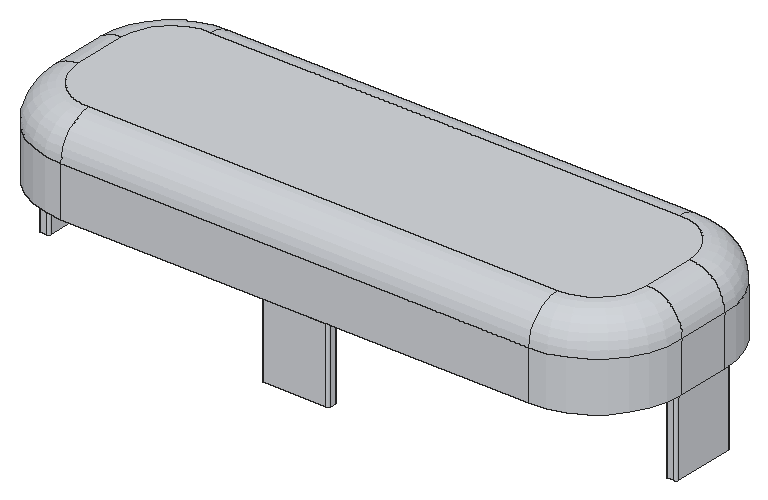
Revit family "Gohome_ClubOttoman_R19", category Furniture, Revit 2019
Family settings
  OmniClass Number = 23.40.20.00
  OmniClass Title = General Furniture and Specialties
  Work Plane-Based = No
  Always vertical = Yes
  Cut with Voids When Loaded = No
  Shared = No
  Room Calculation Point = No
Parameters (values of type "Club Ottoman w/4 Legs")
  With Tabletop End = no
  With Tabletop Center = no
  With Bolster = no
  Width = 1800 mm  # constant formula
  URL = "www.gohome.com.au"
  Timber Leg Material = none
  Upholstery Material = none
  ShowEndLeg = not(With Tabletop End)  # yes
  ShowCenterTopLeg = not(With Bolster)  # yes
  ShowCenterBottomLeg = not(or(With Bolster, With Tabletop Center))  # yes
  Seat Height = 450 mm  # constant formula
  Model = "Club Ottoman w/4 Legs"
  Manufacturer = "gohome"  # constant formula
  Height = if(With Bolster, 605 mm, if(or(With Tabletop Center, With Tabletop End), 600 mm, 450 mm))  # 450 mm
  Designer = "Ben McCarthy"  # constant formula
  Depth = 700 mm  # constant formula
  Contact = "phone: +61 2 9565 5510 / email: sales@gohome.com.au"  # constant formula
Types (5, lengths in mm): name | With Tabletop End | With Tabletop Center | With Bolster | ShowEndLeg | ShowCenterTopLeg | ShowCenterBottomLeg | Model | Height
  (no name) | no | no | no | yes | yes | yes | "Club Ottoman w/4 Legs" | 450
  Club Ottoman w/4 Legs | no | no | no | yes | yes | yes | "Club Ottoman w/4 Legs" | 450
  Club Ottoman w/Bolster | no | no | yes | yes | no | no | "Club Ottoman w/Bolster" | 605
  Club Ottoman w/Tabletop Center | no | yes | no | yes | yes | no | "Club Ottoman w/Tabletop Center" | 600
  Club Ottoman w/Tabletop End | yes | no | no | no | yes | yes | "Club Ottoman w/Tabletop End" | 600
Reference planes
  plane 1 "Center (Front/Back)": y = 0
  plane 2: z = 0
  plane 3 "Center (Left/Right)": x = 0
  plane 4: y = 315
  plane 5: y = -315
  plane 6: x = 900
  plane 7: x = -900
Forms (mm)
  Extrusion 1, solid, material <- "Timber Leg Material", visible <- "ShowCenterTopLeg"
    sketch origin (0, 0, 0) x (1, 0, 0) y (0, 1, 0)
      loop
        arc (-95, 290.5) -> (-92.803, 285.197) -> (-87.5, 283) r 7.5
        line (-87.5, 283) -> (87.5, 283)
        arc (87.5, 283) -> (92.803, 285.197) -> (95, 290.5) r 7.5
        line (95, 290.5) -> (95, 307.5)
        arc (95, 307.5) -> (92.803, 312.803) -> (87.5, 315) r 7.5
        line (87.5, 315) -> (-87.5, 315)
        arc (-87.5, 315) -> (-92.803, 312.803) -> (-95, 307.5) r 7.5
        line (-95, 307.5) -> (-95, 290.5)
    from 0 to 210
  Extrusion 2, solid, material <- "Upholstery Material"
    sketch origin (0, 0, 0) x (1, 0, 0) y (0, 1, 0)
      loop
        arc (800, 75) -> (758.995, 173.995) -> (660, 215) r 140
        line (660, 215) -> (-660, 215)
        arc (-660, 215) -> (-758.995, 173.995) -> (-800, 75) r 140
        line (-800, 75) -> (-800, -75)
        arc (-800, -75) -> (-758.995, -173.995) -> (-660, -215) r 140
        line (-660, -215) -> (660, -215)
        arc (660, -215) -> (758.995, -173.995) -> (800, -75) r 140
        line (800, -75) -> (800, 75)
    from 210 to 450
  Sweep 3, solid, material <- "Upholstery Material"
    path origin (0, 0, 0) x (1, 0, 0) y (0, 1, 0)
      loop
        arc (-660, 215) -> (-758.995, 173.995) -> (-800, 75) r 140
        line (-800, 75) -> (-800, -75)
        arc (-800, -75) -> (-758.995, -173.995) -> (-660, -215) r 140
        line (-660, -215) -> (660, -215)
        arc (660, -215) -> (758.995, -173.995) -> (800, -75) r 140
        line (800, -75) -> (800, 75)
        arc (800, 75) -> (758.995, 173.995) -> (660, 215) r 140
        line (660, 215) -> (-660, 215)
    profile origin (-800, 0, 0) x (1, 0, 0) y (0, 0, 1)
      loop
        line (0, 210) -> (0, 450)
        arc (0, 450) -> (-70.711, 420.711) -> (-100, 350) r 100
        line (-100, 350) -> (-100, 210) -> (0, 210)
  Extrusion 4, solid, material <- "Timber Leg Material"
    sketch origin (0, 0, 0) x (1, 0, 0) y (0, 1, 0)
      loop
        arc (-892.5, 95) -> (-897.803, 92.803) -> (-900, 87.5) r 7.5
        line (-900, 87.5) -> (-900, -87.5)
        arc (-900, -87.5) -> (-897.803, -92.803) -> (-892.5, -95) r 7.5
        line (-892.5, -95) -> (-875.5, -95)
        arc (-875.5, -95) -> (-870.197, -92.803) -> (-868, -87.5) r 7.5
        line (-868, -87.5) -> (-868, 87.5)
        arc (-868, 87.5) -> (-870.197, 92.803) -> (-875.5, 95) r 7.5
        line (-875.5, 95) -> (-892.5, 95)
    from 0 to 210
  Extrusion 5, solid, material <- "Timber Leg Material", visible <- "ShowCenterBottomLeg"
    sketch origin (0, 0, 0) x (1, 0, 0) y (0, 1, 0)
      loop
        arc (-95, -307.5) -> (-92.803, -312.803) -> (-87.5, -315) r 7.5
        line (-87.5, -315) -> (87.5, -315)
        arc (87.5, -315) -> (92.803, -312.803) -> (95, -307.5) r 7.5
        line (95, -307.5) -> (95, -290.5)
        arc (95, -290.5) -> (92.803, -285.197) -> (87.5, -283) r 7.5
        line (87.5, -283) -> (-87.5, -283)
        arc (-87.5, -283) -> (-92.803, -285.197) -> (-95, -290.5) r 7.5
        line (-95, -290.5) -> (-95, -307.5)
    from 0 to 210
  Extrusion 6, solid, material <- "Timber Leg Material", visible <- "With Tabletop Center"
    sketch origin (0, -32, 0) x (1, 0, 0) y (0, 1, 0)
      loop
        arc (-95, -307.5) -> (-92.803, -312.803) -> (-87.5, -315) r 7.5
        line (-87.5, -315) -> (87.5, -315)
        arc (87.5, -315) -> (92.803, -312.803) -> (95, -307.5) r 7.5
        line (95, -307.5) -> (95, -290.5)
        arc (95, -290.5) -> (92.803, -285.197) -> (87.5, -283) r 7.5
        line (87.5, -283) -> (-87.5, -283)
        arc (-87.5, -283) -> (-92.803, -285.197) -> (-95, -290.5) r 7.5
        line (-95, -290.5) -> (-95, -307.5)
    from 0 to 530
  Extrusion 7, solid, material <- "Timber Leg Material", visible <- "ShowEndLeg"
    sketch origin (0, 0, 0) x (1, 0, 0) y (0, 1, 0)
      loop
        arc (875.5, 95) -> (870.197, 92.803) -> (868, 87.5) r 7.5
        line (868, 87.5) -> (868, -87.5)
        arc (868, -87.5) -> (870.197, -92.803) -> (875.5, -95) r 7.5
        line (875.5, -95) -> (892.5, -95)
        arc (892.5, -95) -> (897.803, -92.803) -> (900, -87.5) r 7.5
        line (900, -87.5) -> (900, 87.5)
        arc (900, 87.5) -> (897.803, 92.803) -> (892.5, 95) r 7.5
        line (892.5, 95) -> (875.5, 95)
    from 0 to 210
  Extrusion 8, solid, material <- "Timber Leg Material", visible <- "With Tabletop End"
    sketch origin (32, 0, 0) x (1, 0, 0) y (0, 1, 0)
      loop
        arc (875.5, 95) -> (870.197, 92.803) -> (868, 87.5) r 7.5
        line (868, 87.5) -> (868, -87.5)
        arc (868, -87.5) -> (870.197, -92.803) -> (875.5, -95) r 7.5
        line (875.5, -95) -> (892.5, -95)
        arc (892.5, -95) -> (897.803, -92.803) -> (900, -87.5) r 7.5
        line (900, -87.5) -> (900, 87.5)
        arc (900, 87.5) -> (897.803, 92.803) -> (892.5, 95) r 7.5
        line (892.5, 95) -> (875.5, 95)
    from 0 to 530
  Extrusion 9, solid, material <- "Timber Leg Material", visible <- "With Tabletop Center"
    sketch origin (0, 0, 0) x (1, 0, 0) y (0, 1, 0)
      loop
        line (-200, -306) -> (-200, -356)
        arc (-200, -356) -> (-179.497, -405.497) -> (-130, -426) r 70
        line (-130, -426) -> (130, -426)
        arc (130, -426) -> (179.497, -405.497) -> (200, -356) r 70
        line (200, -356) -> (200, -306)
        arc (200, -306) -> (179.497, -256.503) -> (130, -236) r 70
        line (130, -236) -> (-130, -236)
        arc (-130, -236) -> (-179.497, -256.503) -> (-200, -306) r 70
    from 530 to 552
  Extrusion 10, solid, material <- "Timber Leg Material", visible <- "With Tabletop End"
    sketch origin (0, 0, 0) x (1, 0, 0) y (0, 1, 0)
      loop
        arc (941, -200) -> (990.497, -179.497) -> (1011, -130) r 70
        line (1011, -130) -> (1011, 130)
        arc (1011, 130) -> (990.497, 179.497) -> (941, 200) r 70
        line (941, 200) -> (891, 200)
        arc (891, 200) -> (841.503, 179.497) -> (821, 130) r 70
        line (821, 130) -> (821, -130)
        arc (821, -130) -> (841.503, -179.497) -> (891, -200) r 70
        line (891, -200) -> (941, -200)
    from 530 to 552
  Extrusion 11, solid, material <- "Timber Leg Material", visible <- "With Bolster"
    sketch origin (0, 0, 0) x (1, 0, 0) y (0, 0, 1)
      loop
        arc (-50, 587.5) -> (-76.517, 576.517) -> (-87.5, 550) r 37.5
        line (-87.5, 550) -> (-87.5, 0) -> (87.5, 0) -> (87.5, 550)
        arc (87.5, 550) -> (76.517, 576.517) -> (50, 587.5) r 37.5
        line (50, 587.5) -> (-50, 587.5)
    from 315 to 347
  Extrusion 12, solid, material <- "Upholstery Material", visible <- "With Bolster"
    sketch origin (0, 0, 0) x (1, 0, 0) y (0, 0, 1)
      loop
        arc (-50, 605) -> (-105, 550) -> (-50, 495) r 55
        line (-50, 495) -> (50, 495)
        arc (50, 495) -> (105, 550) -> (50, 605) r 55
        line (50, 605) -> (-50, 605)
    from -315 to 315
  Sweep 13, solid, material <- "Upholstery Material", visible <- "With Bolster"
    path origin (0, 0, 0) x (1, 0, 0) y (0, 0, 1)
      loop
        line (50, 605) -> (-50, 605)
        arc (-50, 605) -> (-105, 550) -> (-50, 495) r 55
        line (-50, 495) -> (50, 495)
        arc (50, 495) -> (105, 550) -> (50, 605) r 55
    profile origin (0, 0, 605) x (0, 0, -1) y (0, -1, 0)
      loop
        line (0, -315) -> (0, 315)
        arc (0, 315) -> (-14.142, 309.142) -> (-20, 295) r 20
        line (-20, 295) -> (-20, -295)
        arc (-20, -295) -> (-14.142, -309.142) -> (0, -315) r 20
  Sweep 14, solid, material <- "Timber Leg Material", visible <- "With Bolster"
    path origin (0, 0, 0) x (1, 0, 0) y (0, 0, 1)
      loop
        line (87.5, 0) -> (87.5, 550)
        arc (87.5, 550) -> (76.517, 576.517) -> (50, 587.5) r 37.5
        line (50, 587.5) -> (-50, 587.5)
        arc (-50, 587.5) -> (-76.517, 576.517) -> (-87.5, 550) r 37.5
        line (-87.5, 550) -> (-87.5, 0)
    profile origin (-87.5, 0, 275) x (0, -1, 0) y (1, 0, 0)
      loop
        line (347, 0) -> (315, 0)
        arc (315, 0) -> (317.197, -5.303) -> (322.5, -7.5) r 7.5
        line (322.5, -7.5) -> (339.5, -7.5)
        arc (339.5, -7.5) -> (344.803, -5.303) -> (347, 0) r 7.5
  Extrusion 15, solid, material <- "Timber Leg Material", visible <- "With Bolster"
    sketch origin (0, 0, 0) x (1, 0, 0) y (0, 0, -1)
      loop
        line (-50, -587.5) -> (50, -587.5)
        arc (50, -587.5) -> (76.517, -576.517) -> (87.5, -550) r 37.5
        line (87.5, -550) -> (87.5, 0) -> (-87.5, 0) -> (-87.5, -550)
        arc (-87.5, -550) -> (-76.517, -576.517) -> (-50, -587.5) r 37.5
    from 315 to 347
  Sweep 16, solid, material <- "Timber Leg Material", visible <- "With Bolster"
    path origin (0, 0, 0) x (1, 0, 0) y (0, 0, -1)
      loop
        line (87.5, 0) -> (87.5, -550)
        arc (87.5, -550) -> (76.517, -576.517) -> (50, -587.5) r 37.5
        line (50, -587.5) -> (-50, -587.5)
        arc (-50, -587.5) -> (-76.517, -576.517) -> (-87.5, -550) r 37.5
        line (-87.5, -550) -> (-87.5, 0)
    profile origin (-87.5, 0, 275) x (0, 1, 0) y (-1, 0, 0)
      loop
        arc (347, 0) -> (344.803, 5.303) -> (339.5, 7.5) r 7.5
        line (339.5, 7.5) -> (322.5, 7.5)
        arc (322.5, 7.5) -> (317.197, 5.303) -> (315, 0) r 7.5
        line (315, 0) -> (347, 0)
Cuts and joins
  joined: Extrusion 2, Sweep 3
  joined: Extrusion 12, Sweep 13
  joined: Extrusion 11, Sweep 14
  joined: Extrusion 15, Sweep 16
Dimensions and locks
  aligned and locked: level to plane 2
Automatic sketch dimensions
  Extrusion 1 sketch curve to plane 4 = 0 mm
  Extrusion 1 sketch curve to plane 4 = 7.5 mm  (x2)
  Extrusion 1 sketch curve to plane 3 "Center (Left/Right)" = 95 mm
  Extrusion 1 sketch curve to Extrusion 1 sketch curve = 7.5 mm
  plane 3 "Center (Left/Right)" to Extrusion 1 sketch curve = 87.5 mm
  Extrusion 1 sketch curve to Extrusion 1 sketch curve = 0 mm
  Extrusion 1 sketch curve to Extrusion 1 sketch curve = 17 mm
  plane 1 "Center (Front/Back)" to Extrusion 2 sketch curve = 75 mm  (x2)
  Extrusion 2 sketch curve to Extrusion 2 sketch curve = 140 mm
  plane 5 to Extrusion 2 sketch curve = 100 mm
  Extrusion 2 sketch curve to plane 1 "Center (Front/Back)" = 75 mm
  Extrusion 2 sketch curve to Extrusion 2 sketch curve = 0 mm
  plane 1 "Center (Front/Back)" to Sweep 3 sketch curve = 75 mm  (x2)
  Sweep 3 sketch curve to Sweep 3 sketch curve = 140 mm  (x4)
  Sweep 3 sketch curve to plane 1 "Center (Front/Back)" = 75 mm
  profile plane to Sweep 3 sketch curve = 0 mm
  profile plane to Sweep 3 sketch curve = 100 mm
  level to Sweep 3 sketch curve = 210 mm
  plane 1 "Center (Front/Back)" to Extrusion 4 sketch curve = 87.5 mm
  Extrusion 4 sketch curve to Extrusion 4 sketch curve = 7.5 mm  (x3)
  Extrusion 4 sketch curve to Extrusion 4 sketch curve = 17 mm  (x2)
  Extrusion 4 sketch curve to plane 1 "Center (Front/Back)" = 87.5 mm
  Extrusion 5 sketch curve to plane 5 = 0 mm
  plane 5 to Extrusion 5 sketch curve = 24.5 mm
  Extrusion 5 sketch curve to plane 3 "Center (Left/Right)" = 95 mm
  Extrusion 5 sketch curve to Extrusion 5 sketch curve = 7.5 mm  (x3)
  plane 3 "Center (Left/Right)" to Extrusion 5 sketch curve = 87.5 mm
  Extrusion 5 sketch curve to Extrusion 5 sketch curve = 0 mm
  Extrusion 6 sketch curve to plane 5 = 0 mm
  Extrusion 6 sketch curve to plane 5 = 7.5 mm
  Extrusion 6 sketch curve to plane 3 "Center (Left/Right)" = 95 mm
  Extrusion 6 sketch curve to Extrusion 6 sketch curve = 7.5 mm  (x2)
  plane 3 "Center (Left/Right)" to Extrusion 6 sketch curve = 87.5 mm
  Extrusion 6 sketch curve to Extrusion 6 sketch curve = 0 mm
  Extrusion 6 sketch curve to Extrusion 6 sketch curve = 17 mm
  plane 1 "Center (Front/Back)" to Extrusion 7 sketch curve = 87.5 mm
  Extrusion 7 sketch curve to Extrusion 7 sketch curve = 7.5 mm  (x3)
  Extrusion 7 sketch curve to Extrusion 7 sketch curve = 17 mm  (x2)
  Extrusion 7 sketch curve to plane 1 "Center (Front/Back)" = 87.5 mm
  plane 1 "Center (Front/Back)" to Extrusion 8 sketch curve = 87.5 mm
  Extrusion 8 sketch curve to Extrusion 8 sketch curve = 7.5 mm  (x3)
  Extrusion 8 sketch curve to Extrusion 8 sketch curve = 17 mm  (x2)
  Extrusion 8 sketch curve to plane 1 "Center (Front/Back)" = 87.5 mm
  Extrusion 9 sketch curve to plane 5 = 41 mm  (x2)
  Extrusion 9 sketch curve to plane 3 "Center (Left/Right)" = 200 mm
  Extrusion 9 sketch curve to Extrusion 9 sketch curve = 70 mm
  plane 5 to Extrusion 9 sketch curve = 9 mm
  Extrusion 9 sketch curve to Extrusion 9 sketch curve = 0 mm  (x2)
  plane 3 "Center (Left/Right)" to Extrusion 9 sketch curve = 130 mm
  Extrusion 10 sketch curve to plane 1 "Center (Front/Back)" = 130 mm
  Extrusion 10 sketch curve to Extrusion 10 sketch curve = 70 mm  (x3)
  Extrusion 10 sketch curve to Extrusion 10 sketch curve = 50 mm  (x2)
  plane 1 "Center (Front/Back)" to Extrusion 10 sketch curve = 130 mm
  Extrusion 11 sketch curve to level = 0 mm
  Extrusion 11 sketch curve to plane 3 "Center (Left/Right)" = 87.5 mm
  Extrusion 11 sketch curve to Extrusion 11 sketch curve = 37.5 mm  (x2)
  plane 3 "Center (Left/Right)" to Extrusion 11 sketch curve = 50 mm
  level to Extrusion 11 sketch curve = 550 mm
  Extrusion 12 sketch curve to plane 3 "Center (Left/Right)" = 50 mm
  plane 3 "Center (Left/Right)" to Extrusion 12 sketch curve = 50 mm
  level to Extrusion 12 sketch curve = 495 mm
  Extrusion 12 sketch curve to Extrusion 12 sketch curve = 55 mm
  Sweep 13 sketch curve to plane 3 "Center (Left/Right)" = 50 mm
  plane 3 "Center (Left/Right)" to Sweep 13 sketch curve = 50 mm
  level to Sweep 13 sketch curve = 495 mm
  Sweep 13 sketch curve to Sweep 13 sketch curve = 55 mm
  Sweep 13 sketch curve to profile plane = 0 mm
  profile plane to Sweep 13 sketch curve = 20 mm
  Sweep 13 sketch curve to plane 1 "Center (Front/Back)" = 315 mm
  plane 1 "Center (Front/Back)" to Sweep 13 sketch curve = 295 mm
  Sweep 14 sketch curve to level = 0 mm  (x2)
  Sweep 14 sketch curve to plane 3 "Center (Left/Right)" = 87.5 mm
  Sweep 14 sketch curve to Sweep 14 sketch curve = 37.5 mm  (x2)
  plane 3 "Center (Left/Right)" to Sweep 14 sketch curve = 50 mm
  level to Sweep 14 sketch curve = 550 mm
  Sweep 14 sketch curve to profile plane = 0 mm
  plane 1 "Center (Front/Back)" to Sweep 14 sketch curve = 315 mm
  profile plane to Sweep 14 sketch curve = 7.5 mm
  Sweep 14 sketch curve to Sweep 14 sketch curve = 17 mm
  Extrusion 15 sketch curve to level = 0 mm
  Extrusion 15 sketch curve to plane 3 "Center (Left/Right)" = 87.5 mm
  Extrusion 15 sketch curve to Extrusion 15 sketch curve = 37.5 mm  (x2)
  plane 3 "Center (Left/Right)" to Extrusion 15 sketch curve = 50 mm
  level to Extrusion 15 sketch curve = 550 mm
  Sweep 16 sketch curve to level = 0 mm  (x2)
  Sweep 16 sketch curve to plane 3 "Center (Left/Right)" = 87.5 mm
  Sweep 16 sketch curve to Sweep 16 sketch curve = 37.5 mm  (x2)
  plane 3 "Center (Left/Right)" to Sweep 16 sketch curve = 50 mm
  Sweep 16 sketch curve to Sweep 16 sketch curve = 550 mm
  Sweep 16 sketch curve to profile plane = 0 mm
  profile plane to Sweep 16 sketch curve = 315 mm
  Sweep 16 sketch curve to profile plane = 7.5 mm
  Sweep 16 sketch curve to Sweep 16 sketch curve = 17 mm
  plane 7 to Extrusion 2 sketch curve = 240 mm
  plane 7 to Sweep 3 sketch curve = 240 mm
  Extrusion 4 sketch curve to plane 7 = 0 mm
  Extrusion 2 sketch curve to plane 6 = 240 mm
  Sweep 3 sketch curve to plane 6 = 240 mm
  Extrusion 7 sketch curve to plane 6 = 0 mm
  Extrusion 8 sketch curve to plane 6 = 0 mm
  Extrusion 10 sketch curve to plane 6 = 79 mm
